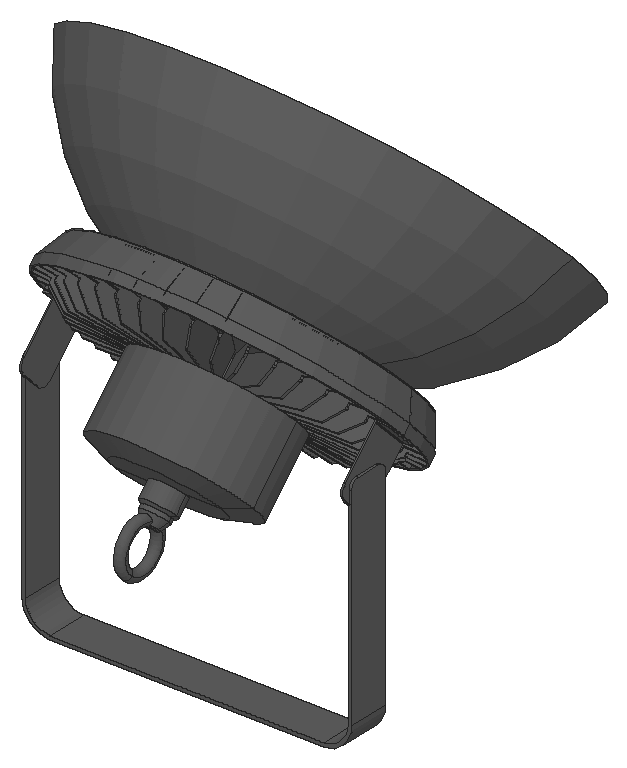
Revit family "0039348+0039354+0039357 Feilo Sylvania Lighting Fixture START HIGHBAY 4K 19KLM WIDE with BRACKET and ALU SHADE BLACK COLOR", category Lighting Fixtures, host Face, Revit 2017
Family settings
  Host = Face
  Round Connector Dimension = Use Diameter
  Part Type = Normal
  OmniClass Number = 23.80.70.00
  OmniClass Title = Lighting
  Cut with Voids When Loaded = No
  Light Source = No
  Shared = No
  Room Calculation Point = No
Parameters (values of type "0039348+0039354+0039357 START HIGHBAY 4K 19KLM WIDE with BRACKET and ALU SHADE BLACK COLOR")
  Weight = "3.4 kg"
  Wattage Comments = ""
  WarrantyStartDate [instance] = "n/a"
  WarrantyGuarantorParts = "n/a"
  WarrantyDurationUnit = "n/a"
  WarrantyDurationParts = "n/a"
  WarrantyDescription = "n/a"
  Voltage = 230 V
  URL = "http://www.sylvania-lighting.com"
  TypeName = "START HIGHBAY 4K 19KLM WIDE with BRACKET and ALU SHADE BLACK COLOR"
  TypeHead_FEILO = Start LED Highbay Head : 0039348+0039354+0039357 START HIGHBAY 4K 19KLM WIDE with BRACKET and ALU SHADE BLACK COLOR
  Type Image = <None>
  Type Comments = "n/a"
  TiltAngle_FEILO [instance] = 45.00°
  ThicknessBracketPlate_FEILO = 3 mm
  SizeBracketS_FEILO = no
  SizeBracketM_FEILO = yes
  SerialNumber [instance] = "n/a"
  RadiusBracketTop_FEILO = 7 mm
  RadiusBendOut_FEILO = if(SizeBracketS_FEILO, 18 mm, if(SizeBracketM_FEILO, 24 mm, 28 mm))  # 24 mm
  RadiusBendIn_FEILO = RadiusBendOut_FEILO - ThicknessBracketPlate_FEILO  # 21 mm
  Material_3_FEILO = none
  PowerFactor = 0.95
  PowerConsumption = "150 W"
  NominalLength = 296 mm
  NominalHeight = 177 mm
  NominalDepth = 296 mm
  Name = "START HIGHBAY 4K 19KLM WIDE with BRACKET and ALU SHADE BLACK COLOR"
  ModelReference = Name  # "START HIGHBAY 4K 19KLM WIDE with BRACKET and ALU SHADE BLACK COLOR"
  ModelNumber = "0039348+0039354+0039357"
  Model = Name  # "START HIGHBAY 4K 19KLM WIDE with BRACKET and ALU SHADE BLACK COLOR"
  Material = "aluminium alloy housing, polycarbonate diffuser"
  ManufacturerName = "Feilo Sylvania"
  Manufacturer = "Feilo Sylvania"
  LuminousEfficacy = "130 lm/W"
  LuminaireType = ""
  LightOutputRatio = "n/a"
  LampsType = Lamp  # "LED"
  LampNominalLuminous = "19500 lm"
  LampMacAdamStep = "n/a"
  LampColourTemperature = "4000 K"
  LampColourRenderingIndex = "80"
  Lamp = "LED"
  Keynote = "16500"
  InstallationDate [instance] = "n/a"
  InputVoltage = "220-240V~"
  InputNominalFrequency = "50/60 Hz"
  IngressProtection = "IP65"
  ImpactProtectionIndex = "IK08"
  IfcExportType = "IfcLightFixtureType"
  IfcExportAs = "IfcLightFixtureType"
  ExpectedLife = 50000
  EndAngle_FEILO [instance] = TiltAngle_FEILO + 180.00°  # 225.00°
  ElectricShockClassification = "Class I"
  DurationUnit = "hours"
  DocumentationLiterature = "http://www.sylvania-lighting.com/product/en-int/products/0039348"
  DimmingControlOptions = "n/a"
  Material_2_FEILO = none
  Description = "START HIGHBAY, includes 1 m cables, black aluminium housing, 19500LM, 150W, 130lm/W, 4000K, Driver current: 3210mA, CR80, 90° beam angle, 1-10V dimmable,  IP65, IK08, 50,000 hrs (L70B50), (LxWxH) 296x296x177mm"
  Default Elevation = 1219.2 mm
  CreatedOn = "2/28/2018"
  CreatedBy = ""
  Cost = 0
  built-in parameter 1114216 [instance] = (empty or 0)
  ClassificationValue = "EF_70_80"
  ClassificationName = "Uniclass2015"
  Material_1_FEILO = Body-Sylvania-StartHighbay-Black
  BracketHeight_FEILO = if(SizeBracketS_FEILO, 199.5 mm, if(SizeBracketM_FEILO, 209.6 mm, 201.3 mm))  # 209.6 mm
  BracketDistanceInner_FEILO = if(SizeBracketS_FEILO, 249.4 mm, if(SizeBracketM_FEILO, 273.6 mm, 313.2 mm))  # 273.6 mm
  BarCode [instance] = "n/a"
  AssetType = "Fixed"
  AssetIdentifier [instance] = "n/a"
  Assembly Code = "D5020200"
  Apparent Load = 150 VA
  Material_4_FEILO = none
Reference planes
  plane 1 "Center (Front/Back)": y = 0
  plane 2: z = 0
  plane 3 "Center (Left/Right)": x = 0
  plane 4: x = -139.8
  plane 5: x = 139.8
  plane 6: z = 209.6
  plane 7: x = -136.8
  plane 8: z = 3
  plane 9: x = 136.8
  plane 10: y = 17.5
  plane 11: y = -17.5
  plane 12: y = -19.5
  plane 13: z = 211.6
  plane 14: y = 19.5
  plane 15: z = 200.6
Forms (mm)
  Extrusion 1, solid, material "Body-Sylvania-StartHighbay-Black" <- "Material_1_FEILO"
    sketch origin (0, 0, 0) x (1, 0, 0) y (0, 0, 1)
      loop
        line (-139.8, 209.6) -> (-139.8, 24)
        arc (-139.8, 24) -> (-132.771, 7.029) -> (-115.8, 0) r 24
        line (-115.8, 0) -> (115.8, 0)
        arc (115.8, 0) -> (132.771, 7.029) -> (139.8, 24) r 24
        line (139.8, 24) -> (139.8, 209.6) -> (136.8, 209.6) -> (136.8, 24)
        arc (136.8, 24) -> (130.649, 9.151) -> (115.8, 3) r 21
        line (115.8, 3) -> (-115.8, 3)
        arc (-115.8, 3) -> (-130.649, 9.151) -> (-136.8, 24) r 21
        line (-136.8, 24) -> (-136.8, 209.6) -> (-139.8, 209.6)
    from -17.5 to 17.5
  Extrusion 2, void
    sketch origin (0, 0, 0) x (0, 1, 0) y (0, 0, 1)
      loop
        arc (10.5, 209.6) -> (15.45, 207.55) -> (17.5, 202.6) r 7
        line (17.5, 202.6) -> (19.5, 202.6) -> (19.5, 211.6) -> (-19.5, 211.6) -> (-19.5, 202.6) -> (-17.5, 202.6)
        arc (-17.5, 202.6) -> (-15.45, 207.55) -> (-10.5, 209.6) r 7
        line (-10.5, 209.6) -> (10.5, 209.6)
    from -139.8 to 139.8
  Revolve 3, solid, not visible
    sketch origin (1223.4, -4572, 200.6) x (0, -1, 0) y (1, 0, 0)
      loop
        line (-4572, -1223.4) -> (-4591.5, -1223.4) -> (-4591.5, -1277.783) -> (-4572, -1277.783) -> (-4572, -1223.4)
      axis (-4572, -1223.4) -> (-4572, -1277.783)
    angle from 45 <- "TiltAngle_FEILO" to 225 <- "EndAngle_FEILO"
Cuts and joins
  Extrusion 2 cuts Extrusion 1
Dimensions and locks
  "BracketHeight_FEILO": plane 6 to plane 2
  equal spacing: plane 11, plane 1 "Center (Front/Back)", plane 10
  locked: plane 11 to plane 10 at 35
  equal spacing: plane 9, plane 3 "Center (Left/Right)", plane 7
  "BracketDistanceInner_FEILO": plane 9 to plane 7
  "ThicknessBracketPlate_FEILO": plane 7 to plane 4
  "ThicknessBracketPlate_FEILO": plane 8 to plane 2
  equal spacing: plane 5, plane 3 "Center (Left/Right)", plane 4
  equal spacing: plane 12, plane 1 "Center (Front/Back)", plane 14
  locked: plane 6 to plane 13 at 2
  locked: plane 12 to plane 11 at 2
  locked: plane 6 to plane 15 at 9
  "RadiusBendOut_FEILO": radius of Extrusion 1 sketch curve  (x2)
  "RadiusBendIn_FEILO": radius of Extrusion 1 sketch curve  (x2)
  "RadiusBracketTop_FEILO": radius of Extrusion 2 sketch curve  (x2)
  aligned and locked: plane 2 to host face
  aligned and locked: level to host face
  aligned and locked: Extrusion 1 sketch curve to plane 4
  aligned and locked: Extrusion 1 sketch curve to level
  aligned and locked: plane 6 to Extrusion 1 sketch curve
  aligned and locked: Extrusion 1 sketch curve to plane 6
  aligned and locked: Extrusion 1 sketch curve to plane 7
  aligned and locked: plane 9 to Extrusion 1 sketch curve
  aligned and locked: plane 8 to Extrusion 1 sketch curve
  aligned and locked: Extrusion 1 to plane 10
  aligned and locked: plane 11 to Extrusion 1
  aligned and locked: Extrusion 1 to Extrusion 2 sketch curve
  aligned and locked: plane 14 to Extrusion 2 sketch curve  (x2)
  aligned and locked: Extrusion 2 sketch curve to plane 12
  aligned and locked: plane 13 to Extrusion 2 sketch curve
  aligned and locked: plane 5 to Extrusion 2
  aligned and locked: Extrusion 2 to plane 4
  aligned and locked: Revolve 3 sketch curve to plane 1 "Center (Front/Back)"
  aligned and locked: Revolve 3 sketch curve to Revolve 3 sketch curve
  aligned and locked: plane 3 "Center (Left/Right)" to Revolve 3 sketch curve
  aligned and locked: Revolve 3 sketch curve to plane 14
  aligned and locked: nested 1 to plane 3 "Center (Left/Right)"
Automatic sketch dimensions
  host sketch curve to host sketch curve = 2438.4 mm  (x2)
  Revolve 3 sketch curve to Revolve 3 sketch curve = 54.383 mm
  Revolve 3 sketch curve to plane 4 = 1396.3 mm
  plane 5 to Revolve 3 sketch curve = 1396.3 mm
  Extrusion 1 sketch curve to Extrusion 1 sketch curve = 0 mm
  Extrusion 2 sketch curve to plane 11 = 0 mm
  Extrusion 2 sketch curve to plane 10 = 0 mm
Nested families
  nested 1: "Start LED Highbay Head" at (0, 0, 200.6) x (-1, 0, 0) z (0, 0.7071, 0.7071), type <- "TypeHead_FEILO", type "0039348+0039354+0039357 START HIGHBAY 4K 19KLM WIDE with BRACKET and ALU SHADE BLACK COLOR"
    with built-in parameter 1114216 (empty or 0)
Connectors
  electrical at (0, 0, 0), driven by "Apparent Load", driven by "PowerFactor", driven by "Voltage"
    settings: index 1, voltage 230 V, apparent load 150 VA, apparent load phase1 0 VA, apparent load phase2 0 VA, apparent load phase3 0 VA, power factor 0.95, load classification "Lighting", number of poles 1, system type 30, power factor state 1, is connector primary yes, connector utility no, sub classification motor no, connector description ""
Definition of nested family "Start LED Highbay Head"
  Parameters (values of type "0039351+0039354+0039358 START HIGHBAY 6K 19KLM WIDE with BRACKET and PC LAMPSHADE TRANSPARENT ")
    X_FEILO = if(SizeS_FEILO, 60.3 mm, if(SizeM_FEILO, 70.4 mm, 83.5 mm))  # 70.4 mm
    WidthStraight_FEILO = if(SizeS_FEILO, 3 mm, if(SizeM_FEILO, 4 mm, 4.7 mm))  # 4 mm
    WidthRingChamfer_FEILO = if(SizeS_FEILO, 10.3 mm, if(SizeM_FEILO, 11.2 mm, 12.9 mm))  # 11.2 mm
    WidthCurved_FEILO = if(SizeS_FEILO, 17.4 mm, if(SizeM_FEILO, 16.4 mm, 26.2 mm))  # 16.4 mm
    WidthCurvedRing_FEILO = if(SizeS_FEILO, 3 mm, if(SizeM_FEILO, 4 mm, 4.7 mm))  # 4 mm
    WidthBracket_FEILO = 40 mm
    Wattage Comments = ""
    Wattage = 150 W
    built-in parameter 1150110 = 1 (stored number, unit not read)
    URL = "http://www.feilosylvania.com"
    Type Image = (empty or 0)
    Type Comments = "n/a"
    built-in parameter 1114217 = 1 (stored number, unit not read)
    Tilt Angle = -90.00°
    ThicknessWall_FEILO = 1.5 mm
    ThicknessBracket_FEILO = 1.5 mm
    ThicknessBracketHalf_FEILO = ThicknessBracket_FEILO / 2  # 0.75 mm
    built-in parameter 1150109 = 1 (stored number, unit not read)
    built-in parameter 1150134 = 1
    built-in parameter 1150113 = 1 (stored number, unit not read)
    SizeS_FEILO = no
    SizeM_FEILO = yes
    ShadeThickness_FEILO = 3 mm
    ShadeSizeSM_FEILO = or(SizeS_FEILO, SizeM_FEILO)  # yes
    ShadeRadiusOut_FEILO = 205 mm
    ShadeRadiusIn_FEILO = if(ShadeSizeSM_FEILO, 95 mm, 121 mm)  # 95 mm
    ShadeRadiusBend_FEILO = if(ShadeSizeSM_FEILO, 210 mm, 210 mm)  # 210 mm
    ShadeOn_FEILO = yes
    ShadeHeight_FEILO = if(ShadeSizeSM_FEILO, 120 mm, 151 mm)  # 120 mm
    Rib4_FEILO = if(SizeS_FEILO, 18.1 mm, if(SizeM_FEILO, 13.6 mm, 14.6 mm))  # 13.6 mm
    Rib3_FEILO = if(SizeS_FEILO, 15.3 mm, if(SizeM_FEILO, 17.6 mm, 20.2 mm))  # 17.6 mm
    Rib2_FEILO = if(SizeS_FEILO, 3.6 mm, if(SizeM_FEILO, 3.9 mm, 4.5 mm))  # 3.9 mm
    Rib1_FEILO = if(SizeS_FEILO, 15.1 mm, if(SizeM_FEILO, 16.5 mm, 19 mm))  # 16.5 mm
    RadiusDiffuser_FEILO = if(SizeS_FEILO, 95.2 mm, if(SizeM_FEILO, 105.3 mm, 120 mm))  # 105.3 mm
    RadiusArrayPost_FEILO = DriverRadius_FEILO - 6 mm  # 61.2 mm
    RHRadius3_FEILO = if(SizeS_FEILO, 6.6 mm, if(SizeM_FEILO, 7.4 mm, 8.6 mm))  # 7.4 mm
    RHRadius2_FEILO = if(SizeS_FEILO, 11 mm, if(SizeM_FEILO, 12 mm, 14 mm))  # 12 mm
    RHRadius1_FEILO = if(SizeS_FEILO, 13.6 mm, if(SizeM_FEILO, 14.9 mm, 17.7 mm))  # 14.9 mm
    RHHeight4_FEILO = if(SizeS_FEILO, 7.3 mm, if(SizeM_FEILO, 8 mm, 9.2 mm))  # 8 mm
    RHHeight3_FEILO = if(SizeS_FEILO, 3.6 mm, if(SizeM_FEILO, 3.7 mm, 4.6 mm))  # 3.7 mm
    RHHeight2_FEILO = if(SizeS_FEILO, 2 mm, if(SizeM_FEILO, 2.2 mm, 2.6 mm))  # 2.2 mm
    RHHeight1_FEILO = if(SizeS_FEILO, 11.8 mm, if(SizeM_FEILO, 15.3 mm, 17.4 mm))  # 15.3 mm
    Photometric Web File = "0039351+0039358.ies"
    Material_5_FEILO = none
    Material_3_FEILO = none
    Model = "START HIGHBAY 6K 19KLM WIDE with BRACKET and PC LAMPSHADE TRANSPARENT"
    Manufacturer = "Feilo Sylvania"
    built-in parameter 1150105 = 10854.2 (stored number, unit not read)
    Lumens = 19500 lm
    built-in parameter 1150115 = 1 (stored number, unit not read)
    built-in parameter 1150137 = (empty or 0)
    built-in parameter 1150139 = (empty or 0)
    built-in parameter 1150112 = 1 (stored number, unit not read)
    built-in parameter 1150114 = 1 (stored number, unit not read)
    Lamp = "LED"
    Keynote = "16500"
    built-in parameter 1150132 = (empty or 0)
    built-in parameter 1150102 = (empty or 0)
    built-in parameter 1150107 = 6500 (stored number, unit not read)
    built-in parameter 1150138 = (empty or 0)
    built-in parameter 1150106 = 108.54 (stored number, unit not read)
    HeightRing_FEILO = if(SizeS_FEILO, 19.8 mm, if(SizeM_FEILO, 32 mm, 36.8 mm))  # 32 mm
    HeightRingChamfer_FEILO = if(SizeS_FEILO, 11.7 mm, if(SizeM_FEILO, 23.2 mm, 26.6 mm))  # 23.2 mm
    EyeThickness_FEILO = if(SizeS_FEILO, 8.4 mm, if(SizeM_FEILO, 9.2 mm, 10.5 mm))  # 9.2 mm
    EyeThicknessHalf_FEILO = EyeThickness_FEILO / 2  # 4.6 mm
    EyeInner_FEILO = if(SizeS_FEILO, 13.8 mm, if(SizeM_FEILO, 15.1 mm, 17.3 mm))  # 15.1 mm
    Emit from Circle Diameter = RadiusDiffuser_FEILO * 2  # 210.6 mm
    Emit Shape Visible in Rendering = no
    built-in parameter 1150104 = 12.077 (stored number, unit not read)
    DriverVerticalStraight_FEILO = if(SizeS_FEILO, 46.5 mm, if(SizeM_FEILO, 49.7 mm, 57 mm))  # 49.7 mm
    DriverVerticalChamfer_FEILO = if(SizeS_FEILO, 7.5 mm, if(SizeM_FEILO, 8.2 mm, 9.5 mm))  # 8.2 mm
    DriverRadius_FEILO = if(SizeS_FEILO, 61.4 mm, if(SizeM_FEILO, 67.2 mm, 76.4 mm))  # 67.2 mm
    DriverRadiusTop_FEILO = if(SizeS_FEILO, 42 mm, if(SizeM_FEILO, 45.3 mm, 52.4 mm))  # 45.3 mm
    DriverBottom_FEILO = if(SizeS_FEILO, 56 mm, if(SizeM_FEILO, 64.5 mm, 74 mm))  # 64.5 mm
    Material_2_FEILO = none
    Radius_FEILO = if(SizeS_FEILO, 135 mm, if(SizeM_FEILO, 148 mm, 169.5 mm))  # 148 mm
    Dimming Lamp Color Temperature Shift = (empty or 0)
    DiameterWire_FEILO = 3 mm
    DiameterWireSupport_FEILO = 10 mm
    Description = "START HIGHBAY, includes 1 m cables, black aluminium housing, 19500LM, 150W, 130lm/W, 6500K, Driver current: 2140mA, CR80, 60° beam angle, 1-10V dimmable,  IP65, IK08, 50,000 hrs (L70B50), (LxWxH) 296x296x177mm"
    Default Elevation = 1219.2 mm
    Cost = 0
    Color Filter = 16777215
    built-in parameter 1114216 [instance] = (empty or 0)
    Material_1_FEILO = none
    built-in parameter 1114218 = 1 (stored number, unit not read)
    built-in parameter 1150133 = 10 (stored number, unit not read)
    Assembly Code = "D5020200"
    Apparent Load = 150 VA
    Material_4_FEILO = none
  Types (36, lengths in mm): name | X_FEILO | WidthStraight_FEILO | WidthRingChamfer_FEILO | WidthCurved_FEILO | WidthCurvedRing_FEILO | Wattage | built-in parameter 1150134 | SizeS_FEILO | SizeM_FEILO | ShadeSizeSM_FEILO | ShadeRadiusIn_FEILO | ShadeOn_FEILO | ShadeHeight_FEILO | Rib4_FEILO | Rib3_FEILO | Rib2_FEILO | Rib1_FEILO | RadiusDiffuser_FEILO | RadiusArrayPost_FEILO | RHRadius3_FEILO | RHRadius2_FEILO | RHRadius1_FEILO | RHHeight4_FEILO | RHHeight3_FEILO | RHHeight2_FEILO | RHHeight1_FEILO | Photometric Web File | Model | built-in parameter 1150105 | Lumens | built-in parameter 1150107 | built-in parameter 1150106 | HeightRing_FEILO | HeightRingChamfer_FEILO | EyeThickness_FEILO | EyeThicknessHalf_FEILO | EyeInner_FEILO | Emit from Circle Diameter | DriverVerticalStraight_FEILO | DriverVerticalChamfer_FEILO | DriverRadius_FEILO | DriverRadiusTop_FEILO | DriverBottom_FEILO | Radius_FEILO | Description | Apparent Load
    0039352+0039355+0039361 START HIGHBAY 6K 26KLM WIDE with BRACKET and PC LAMPSHADE TRANSPARENT | 83.5 | 4.7 | 12.9 | 26.2 | 4.7 | 200 W | 1 | no | no | no | 121 | yes | 151 | 14.6 | 20.2 | 4.5 | 19 | 120 | 70.4 | 8.6 | 14 | 17.7 | 9.2 | 4.6 | 2.6 | 17.4 | "0039352+0039361.ies" | "START HIGHBAY 6K 26KLM WIDE with BRACKET and PC LAMPSHADE TRANSPARENT" | 17911 (stored number, unit not read) | 26000 lm | 6500 (stored number, unit not read) | 179.11 (stored number, unit not read) | 36.8 | 26.6 | 10.5 | 5.25 | 17.3 | 240 | 57 | 9.5 | 76.4 | 52.4 | 74 | 169.5 | "START HIGHBAY, includes 1 m cables, black aluminium housing, 26000LM, 200W, 130lm/W, 6500K, Driver current: 5000mA, CR80, 60° beam angle, 1-10V dimmable,  IP65, IK08, 50,000 hrs (L70B50), (LxWxH) 339x339x194mm" | 200 VA
    0039352+0039355+0039360 START HIGHBAY 6K 26KLM WIDE with BRACKET and ALU SHADE BLACK COLOR | 83.5 | 4.7 | 12.9 | 26.2 | 4.7 | 200 W | 1 | no | no | no | 121 | yes | 151 | 14.6 | 20.2 | 4.5 | 19 | 120 | 70.4 | 8.6 | 14 | 17.7 | 9.2 | 4.6 | 2.6 | 17.4 | "0039352+0039360.ies" | "START HIGHBAY 6K 26KLM WIDE with BRACKET and ALU SHADE BLACK COLOR" | 14870 (stored number, unit not read) | 26000 lm | 6500 (stored number, unit not read) | 148.7 (stored number, unit not read) | 36.8 | 26.6 | 10.5 | 5.25 | 17.3 | 240 | 57 | 9.5 | 76.4 | 52.4 | 74 | 169.5 | "START HIGHBAY, includes 1 m cables, black aluminium housing, 26000LM, 200W, 130lm/W, 6500K, Driver current: 5000mA, CR80, 60° beam angle, 1-10V dimmable,  IP65, IK08, 50,000 hrs (L70B50), (LxWxH) 339x339x194mm" | 200 VA
    0039352+0039355+0039359 START HIGHBAY 6K 26KLM WIDE with BRACKET and ALU SHADE ALU COLOR | 83.5 | 4.7 | 12.9 | 26.2 | 4.7 | 200 W | 1 | no | no | no | 121 | yes | 151 | 14.6 | 20.2 | 4.5 | 19 | 120 | 70.4 | 8.6 | 14 | 17.7 | 9.2 | 4.6 | 2.6 | 17.4 | "0039352+0039359.ies" | "START HIGHBAY 6K 26KLM WIDE with BRACKET and ALU SHADE ALU COLOR" | 14870 (stored number, unit not read) | 26000 lm | 6500 (stored number, unit not read) | 148.7 (stored number, unit not read) | 36.8 | 26.6 | 10.5 | 5.25 | 17.3 | 240 | 57 | 9.5 | 76.4 | 52.4 | 74 | 169.5 | "START HIGHBAY, includes 1 m cables, black aluminium housing, 26000LM, 200W, 130lm/W, 6500K, Driver current: 5000mA, CR80, 60° beam angle, 1-10V dimmable,  IP65, IK08, 50,000 hrs (L70B50), (LxWxH) 339x339x194mm" | 200 VA
    0039352+0039355 START HIGHBAY 6K 26KLM WIDE with BRACKET | 83.5 | 4.7 | 12.9 | 26.2 | 4.7 | 200 W | 1 | no | no | no | 121 | no | 151 | 14.6 | 20.2 | 4.5 | 19 | 120 | 70.4 | 8.6 | 14 | 17.7 | 9.2 | 4.6 | 2.6 | 17.4 | "0039352.ies" | "START HIGHBAY 6K 26KLM WIDE with BRACKET" | 13836.2 (stored number, unit not read) | 26000 lm | 6500 (stored number, unit not read) | 138.36 (stored number, unit not read) | 36.8 | 26.6 | 10.5 | 5.25 | 17.3 | 240 | 57 | 9.5 | 76.4 | 52.4 | 74 | 169.5 | "START HIGHBAY, includes 1 m cables, black aluminium housing, 26000LM, 200W, 130lm/W, 6500K, Driver current: 5000mA, CR80, 60° beam angle, 1-10V dimmable,  IP65, IK08, 50,000 hrs (L70B50), (LxWxH) 339x339x194mm" | 200 VA
    0039351+0039354+0039358 START HIGHBAY 6K 19KLM WIDE with BRACKET and PC LAMPSHADE TRANSPARENT | 70.4 | 4 | 11.2 | 16.4 | 4 | 150 W | 1 | no | yes | yes | 95 | yes | 120 | 13.6 | 17.6 | 3.9 | 16.5 | 105.3 | 61.2 | 7.4 | 12 | 14.9 | 8 | 3.7 | 2.2 | 15.3 | "0039351+0039358.ies" | "START HIGHBAY 6K 19KLM WIDE with BRACKET and PC LAMPSHADE TRANSPARENT" | 10854.2 (stored number, unit not read) | 19500 lm | 6500 (stored number, unit not read) | 108.54 (stored number, unit not read) | 32 | 23.2 | 9.2 | 4.6 | 15.1 | 210.6 | 49.7 | 8.2 | 67.2 | 45.3 | 64.5 | 148 | "START HIGHBAY, includes 1 m cables, black aluminium housing, 19500LM, 150W, 130lm/W, 6500K, Driver current: 2140mA, CR80, 60° beam angle, 1-10V dimmable,  IP65, IK08, 50,000 hrs (L70B50), (LxWxH) 296x296x177mm" | 150 VA
    0039351+0039354+0039357 START HIGHBAY 6K 19KLM WIDE with BRACKET and ALU SHADE BLACK COLOR | 70.4 | 4 | 11.2 | 16.4 | 4 | 150 W | 1 | no | yes | yes | 95 | yes | 120 | 13.6 | 17.6 | 3.9 | 16.5 | 105.3 | 61.2 | 7.4 | 12 | 14.9 | 8 | 3.7 | 2.2 | 15.3 | "0039351+0039357.ies" | "START HIGHBAY 6K 19KLM WIDE with BRACKET and ALU SHADE BLACK COLOR" | 11152.5 (stored number, unit not read) | 19500 lm | 6500 (stored number, unit not read) | 111.52 (stored number, unit not read) | 32 | 23.2 | 9.2 | 4.6 | 15.1 | 210.6 | 49.7 | 8.2 | 67.2 | 45.3 | 64.5 | 148 | "START HIGHBAY, includes 1 m cables, black aluminium housing, 19500LM, 150W, 130lm/W, 6500K, Driver current: 2140mA, CR80, 60° beam angle, 1-10V dimmable,  IP65, IK08, 50,000 hrs (L70B50), (LxWxH) 296x296x177mm" | 150 VA
    0039351+0039354+0039356 START HIGHBAY 6K 19KLM WIDE with BRACKET and ALU SHADE ALU COLOR | 70.4 | 4 | 11.2 | 16.4 | 4 | 150 W | 1 | no | yes | yes | 95 | yes | 120 | 13.6 | 17.6 | 3.9 | 16.5 | 105.3 | 61.2 | 7.4 | 12 | 14.9 | 8 | 3.7 | 2.2 | 15.3 | "0039351+0039356.ies" | "START HIGHBAY 6K 19KLM WIDE with BRACKET and ALU SHADE ALU COLOR" | 11152.5 (stored number, unit not read) | 19500 lm | 6500 (stored number, unit not read) | 111.52 (stored number, unit not read) | 32 | 23.2 | 9.2 | 4.6 | 15.1 | 210.6 | 49.7 | 8.2 | 67.2 | 45.3 | 64.5 | 148 | "START HIGHBAY, includes 1 m cables, black aluminium housing, 19500LM, 150W, 130lm/W, 6500K, Driver current: 2140mA, CR80, 60° beam angle, 1-10V dimmable,  IP65, IK08, 50,000 hrs (L70B50), (LxWxH) 296x296x177mm" | 150 VA
    0039351+0039354 START HIGHBAY 6K 19KLM WIDE with BRACKET | 70.4 | 4 | 11.2 | 16.4 | 4 | 150 W | 1 | no | yes | yes | 95 | no | 120 | 13.6 | 17.6 | 3.9 | 16.5 | 105.3 | 61.2 | 7.4 | 12 | 14.9 | 8 | 3.7 | 2.2 | 15.3 | "0039351.ies" | "START HIGHBAY 6K 19KLM WIDE with BRACKET" | 10377.1 (stored number, unit not read) | 19500 lm | 6500 (stored number, unit not read) | 103.77 (stored number, unit not read) | 32 | 23.2 | 9.2 | 4.6 | 15.1 | 210.6 | 49.7 | 8.2 | 67.2 | 45.3 | 64.5 | 148 | "START HIGHBAY, includes 1 m cables, black aluminium housing, 19500LM, 150W, 130lm/W, 6500K, Driver current: 2140mA, CR80, 60° beam angle, 1-10V dimmable,  IP65, IK08, 50,000 hrs (L70B50), (LxWxH) 296x296x177mm" | 150 VA
    0039350+0039353+0039358 START HIGHBAY 6K 13KLM WIDE with BRACKET and PC LAMPSHADE TRANSPARENT | 60.3 | 3 | 10.3 | 17.4 | 3 | 100 W | 1 | yes | no | yes | 95 | yes | 120 | 18.1 | 15.3 | 3.6 | 15.1 | 95.2 | 55.4 | 6.6 | 11 | 13.6 | 7.3 | 3.6 | 2 | 11.8 | "0039350+0039358.ies" | "START HIGHBAY 6K 13KLM WIDE with BRACKET and PC LAMPSHADE TRANSPARENT" | 7236.1 (stored number, unit not read) | 13000 lm | 6500 (stored number, unit not read) | 72.361 (stored number, unit not read) | 19.8 | 11.7 | 8.4 | 4.2 | 13.8 | 190.4 | 46.5 | 7.5 | 61.4 | 42 | 56 | 135 | "START HIGHBAY, includes 1 m cables, black aluminium housing, 13000LM, 100W, 130lm/W, 6500K, Driver current: 2140mA, CR80, 60° beam angle, 1-10V dimmable,  IP65, IK08, 50,000 hrs (L70B50), (LxWxH) 270x270x170mm" | 100 VA
    0039350+0039353+0039357 START HIGHBAY 6K 13KLM WIDE with BRACKET and ALU SHADE BLACK COLOR | 60.3 | 3 | 10.3 | 17.4 | 3 | 100 W | 1 | yes | no | yes | 95 | yes | 120 | 18.1 | 15.3 | 3.6 | 15.1 | 95.2 | 55.4 | 6.6 | 11 | 13.6 | 7.3 | 3.6 | 2 | 11.8 | "0039350+0039357.ies" | "START HIGHBAY 6K 13KLM WIDE with BRACKET and ALU SHADE BLACK COLOR" | 7435 (stored number, unit not read) | 13000 lm | 6500 (stored number, unit not read) | 74.35 (stored number, unit not read) | 19.8 | 11.7 | 8.4 | 4.2 | 13.8 | 190.4 | 46.5 | 7.5 | 61.4 | 42 | 56 | 135 | "START HIGHBAY, includes 1 m cables, black aluminium housing, 13000LM, 100W, 130lm/W, 6500K, Driver current: 2140mA, CR80, 60° beam angle, 1-10V dimmable,  IP65, IK08, 50,000 hrs (L70B50), (LxWxH) 270x270x170mm" | 100 VA
    0039350+0039353+0039356 START HIGHBAY 6K 13KLM WIDE with BRACKET and ALU SHADE ALU COLOR | 60.3 | 3 | 10.3 | 17.4 | 3 | 100 W | 1 | yes | no | yes | 95 | yes | 120 | 18.1 | 15.3 | 3.6 | 15.1 | 95.2 | 55.4 | 6.6 | 11 | 13.6 | 7.3 | 3.6 | 2 | 11.8 | "0039350+0039356.ies" | "START HIGHBAY 6K 13KLM WIDE with BRACKET and ALU SHADE ALU COLOR" | 7435 (stored number, unit not read) | 13000 lm | 6500 (stored number, unit not read) | 74.35 (stored number, unit not read) | 19.8 | 11.7 | 8.4 | 4.2 | 13.8 | 190.4 | 46.5 | 7.5 | 61.4 | 42 | 56 | 135 | "START HIGHBAY, includes 1 m cables, black aluminium housing, 13000LM, 100W, 130lm/W, 6500K, Driver current: 2140mA, CR80, 60° beam angle, 1-10V dimmable,  IP65, IK08, 50,000 hrs (L70B50), (LxWxH) 270x270x170mm" | 100 VA
    0039350+0039353 START HIGHBAY 6K 13KLM WIDE with BRACKET | 60.3 | 3 | 10.3 | 17.4 | 3 | 100 W | 1 | yes | no | yes | 95 | no | 120 | 18.1 | 15.3 | 3.6 | 15.1 | 95.2 | 55.4 | 6.6 | 11 | 13.6 | 7.3 | 3.6 | 2 | 11.8 | "0039350.ies" | "START HIGHBAY 6K 13KLM WIDE with BRACKET" | 6918.1 (stored number, unit not read) | 13000 lm | 6500 (stored number, unit not read) | 69.181 (stored number, unit not read) | 19.8 | 11.7 | 8.4 | 4.2 | 13.8 | 190.4 | 46.5 | 7.5 | 61.4 | 42 | 56 | 135 | "START HIGHBAY, includes 1 m cables, black aluminium housing, 13000LM, 100W, 130lm/W, 6500K, Driver current: 2140mA, CR80, 60° beam angle, 1-10V dimmable,  IP65, IK08, 50,000 hrs (L70B50), (LxWxH) 270x270x170mm" | 100 VA
    0039349+0039355+0039361 START HIGHBAY 4K 26KLM WIDE with BRACKET and PC LAMPSHADE TRANSPARENT FOR | 83.5 | 4.7 | 12.9 | 26.2 | 4.7 | 200 W | 12 | no | no | no | 121 | yes | 151 | 14.6 | 20.2 | 4.5 | 19 | 120 | 70.4 | 8.6 | 14 | 17.7 | 9.2 | 4.6 | 2.6 | 17.4 | "0039349+0039361.ies" | "START HIGHBAY 4K 26KLM WIDE with BRACKET and PC LAMPSHADE TRANSPARENT FOR" | 17911 (stored number, unit not read) | 26000 lm | 4000 (stored number, unit not read) | 179.11 (stored number, unit not read) | 36.8 | 26.6 | 10.5 | 5.25 | 17.3 | 240 | 57 | 9.5 | 76.4 | 52.4 | 74 | 169.5 | "START HIGHBAY, includes 1 m cables, black aluminium housing, 26000LM, 200W, 130lm/W, 4000K, Driver current: 5000mA, CR80, 90° beam angle, 1-10V dimmable,  IP65, IK08, 50,000 hrs (L70B50), (LxWxH) 339x339x194mm" | 200 VA
    0039349+0039355+0039360 START HIGHBAY 4K 26KLM WIDE with BRACKET and ALU SHADE BLACK COLOR | 83.5 | 4.7 | 12.9 | 26.2 | 4.7 | 200 W | 12 | no | no | no | 121 | yes | 151 | 14.6 | 20.2 | 4.5 | 19 | 120 | 70.4 | 8.6 | 14 | 17.7 | 9.2 | 4.6 | 2.6 | 17.4 | "0039349+0039360.ies" | "START HIGHBAY 4K 26KLM WIDE with BRACKET and ALU SHADE BLACK COLOR" | 14870 (stored number, unit not read) | 26000 lm | 4000 (stored number, unit not read) | 148.7 (stored number, unit not read) | 36.8 | 26.6 | 10.5 | 5.25 | 17.3 | 240 | 57 | 9.5 | 76.4 | 52.4 | 74 | 169.5 | "START HIGHBAY, includes 1 m cables, black aluminium housing, 26000LM, 200W, 130lm/W, 4000K, Driver current: 5000mA, CR80, 90° beam angle, 1-10V dimmable,  IP65, IK08, 50,000 hrs (L70B50), (LxWxH) 339x339x194mm" | 200 VA
    0039349+0039355+0039359 START HIGHBAY 4K 26KLM WIDE with BRACKET and ALU SHADE ALU COLOR | 83.5 | 4.7 | 12.9 | 26.2 | 4.7 | 200 W | 12 | no | no | no | 121 | yes | 151 | 14.6 | 20.2 | 4.5 | 19 | 120 | 70.4 | 8.6 | 14 | 17.7 | 9.2 | 4.6 | 2.6 | 17.4 | "0039349+0039359.ies" | "START HIGHBAY 4K 26KLM WIDE with BRACKET and ALU SHADE ALU COLOR" | 14870 (stored number, unit not read) | 26000 lm | 4000 (stored number, unit not read) | 148.7 (stored number, unit not read) | 36.8 | 26.6 | 10.5 | 5.25 | 17.3 | 240 | 57 | 9.5 | 76.4 | 52.4 | 74 | 169.5 | "START HIGHBAY, includes 1 m cables, black aluminium housing, 26000LM, 200W, 130lm/W, 4000K, Driver current: 5000mA, CR80, 90° beam angle, 1-10V dimmable,  IP65, IK08, 50,000 hrs (L70B50), (LxWxH) 339x339x194mm" | 200 VA
    0039349+0039355 START HIGHBAY 4K 26KLM WIDE with BRACKET | 83.5 | 4.7 | 12.9 | 26.2 | 4.7 | 200 W | 12 | no | no | no | 121 | no | 151 | 14.6 | 20.2 | 4.5 | 19 | 120 | 70.4 | 8.6 | 14 | 17.7 | 9.2 | 4.6 | 2.6 | 17.4 | "0039349.ies" | "START HIGHBAY 4K 26KLM WIDE with BRACKET" | 13836.2 (stored number, unit not read) | 26000 lm | 4000 (stored number, unit not read) | 138.36 (stored number, unit not read) | 36.8 | 26.6 | 10.5 | 5.25 | 17.3 | 240 | 57 | 9.5 | 76.4 | 52.4 | 74 | 169.5 | "START HIGHBAY, includes 1 m cables, black aluminium housing, 26000LM, 200W, 130lm/W, 4000K, Driver current: 5000mA, CR80, 90° beam angle, 1-10V dimmable,  IP65, IK08, 50,000 hrs (L70B50), (LxWxH) 339x339x194mm" | 200 VA
    0039348+0039354+0039358 START HIGHBAY 4K 19KLM WIDE with BRACKET and PC LAMPSHADE TRANSPARENT | 70.4 | 4 | 11.2 | 16.4 | 4 | 150 W | 12 | no | yes | yes | 95 | yes | 120 | 13.6 | 17.6 | 3.9 | 16.5 | 105.3 | 61.2 | 7.4 | 12 | 14.9 | 8 | 3.7 | 2.2 | 15.3 | "0039348+0039358.ies" | "START HIGHBAY 4K 19KLM WIDE with BRACKET and PC LAMPSHADE TRANSPARENT" | 10854.2 (stored number, unit not read) | 19500 lm | 4000 (stored number, unit not read) | 108.54 (stored number, unit not read) | 32 | 23.2 | 9.2 | 4.6 | 15.1 | 210.6 | 49.7 | 8.2 | 67.2 | 45.3 | 64.5 | 148 | "START HIGHBAY, includes 1 m cables, black aluminium housing, 19500LM, 150W, 130lm/W, 4000K, Driver current: 3210mA, CR80, 90° beam angle, 1-10V dimmable,  IP65, IK08, 50,000 hrs (L70B50), (LxWxH) 296x296x177mm" | 150 VA
    0039348+0039354+0039357 START HIGHBAY 4K 19KLM WIDE with BRACKET and ALU SHADE BLACK COLOR | 70.4 | 4 | 11.2 | 16.4 | 4 | 150 W | 12 | no | yes | yes | 95 | yes | 120 | 13.6 | 17.6 | 3.9 | 16.5 | 105.3 | 61.2 | 7.4 | 12 | 14.9 | 8 | 3.7 | 2.2 | 15.3 | "0039348+0039357.ies" | "START HIGHBAY 4K 19KLM WIDE with BRACKET and ALU SHADE BLACK COLOR" | 11152.5 (stored number, unit not read) | 19500 lm | 4000 (stored number, unit not read) | 111.52 (stored number, unit not read) | 32 | 23.2 | 9.2 | 4.6 | 15.1 | 210.6 | 49.7 | 8.2 | 67.2 | 45.3 | 64.5 | 148 | "START HIGHBAY, includes 1 m cables, black aluminium housing, 19500LM, 150W, 130lm/W, 4000K, Driver current: 3210mA, CR80, 90° beam angle, 1-10V dimmable,  IP65, IK08, 50,000 hrs (L70B50), (LxWxH) 296x296x177mm" | 150 VA
    0039348+0039354+0039356 START HIGHBAY 4K 19KLM WIDE with BRACKET and ALU SHADE ALU COLOR | 70.4 | 4 | 11.2 | 16.4 | 4 | 150 W | 12 | no | yes | yes | 95 | yes | 120 | 13.6 | 17.6 | 3.9 | 16.5 | 105.3 | 61.2 | 7.4 | 12 | 14.9 | 8 | 3.7 | 2.2 | 15.3 | "0039348+0039356.ies" | "START HIGHBAY 4K 19KLM WIDE with BRACKET and ALU SHADE ALU COLOR" | 11152.5 (stored number, unit not read) | 19500 lm | 4000 (stored number, unit not read) | 111.52 (stored number, unit not read) | 32 | 23.2 | 9.2 | 4.6 | 15.1 | 210.6 | 49.7 | 8.2 | 67.2 | 45.3 | 64.5 | 148 | "START HIGHBAY, includes 1 m cables, black aluminium housing, 19500LM, 150W, 130lm/W, 4000K, Driver current: 3210mA, CR80, 90° beam angle, 1-10V dimmable,  IP65, IK08, 50,000 hrs (L70B50), (LxWxH) 296x296x177mm" | 150 VA
    0039348+0039354 START HIGHBAY 4K 19KLM WIDE with BRACKET | 70.4 | 4 | 11.2 | 16.4 | 4 | 150 W | 12 | no | yes | yes | 95 | no | 120 | 13.6 | 17.6 | 3.9 | 16.5 | 105.3 | 61.2 | 7.4 | 12 | 14.9 | 8 | 3.7 | 2.2 | 15.3 | "0039348.ies" | "START HIGHBAY 4K 19KLM WIDE with BRACKET" | 10377.1 (stored number, unit not read) | 19500 lm | 4000 (stored number, unit not read) | 103.77 (stored number, unit not read) | 32 | 23.2 | 9.2 | 4.6 | 15.1 | 210.6 | 49.7 | 8.2 | 67.2 | 45.3 | 64.5 | 148 | "START HIGHBAY, includes 1 m cables, black aluminium housing, 19500LM, 150W, 130lm/W, 4000K, Driver current: 3210mA, CR80, 90° beam angle, 1-10V dimmable,  IP65, IK08, 50,000 hrs (L70B50), (LxWxH) 296x296x177mm" | 150 VA
    0039347+0039353+0039358 START HIGHBAY 4K 13KLM WIDE with BRACKET and PC LAMPSHADE TRANSPARENT | 60.3 | 3 | 10.3 | 17.4 | 3 | 100 W | 12 | yes | no | yes | 95 | yes | 120 | 18.1 | 15.3 | 3.6 | 15.1 | 95.2 | 55.4 | 6.6 | 11 | 13.6 | 7.3 | 3.6 | 2 | 11.8 | "0039347+0039358.ies" | "START HIGHBAY 4K 13KLM WIDE with BRACKET and PC LAMPSHADE TRANSPARENT" | 7236.1 (stored number, unit not read) | 13000 lm | 4000 (stored number, unit not read) | 72.361 (stored number, unit not read) | 19.8 | 11.7 | 8.4 | 4.2 | 13.8 | 190.4 | 46.5 | 7.5 | 61.4 | 42 | 56 | 135 | "START HIGHBAY, includes 1 m cables, black aluminium housing, 13000LM, 100W, 130lm/W, 4000K, Driver current: 2140mA, CR80, 90° beam angle, 1-10V dimmable,  IP65, IK08, 50,000 hrs (L70B50), (LxWxH) 270x270x170mm" | 100 VA
    0039347+0039353+0039357 START HIGHBAY 4K 13KLM WIDE with BRACKET and ALU SHADE BLACK COLOR | 60.3 | 3 | 10.3 | 17.4 | 3 | 100 W | 12 | yes | no | yes | 95 | yes | 120 | 18.1 | 15.3 | 3.6 | 15.1 | 95.2 | 55.4 | 6.6 | 11 | 13.6 | 7.3 | 3.6 | 2 | 11.8 | "0039347+0039357.ies" | "START HIGHBAY 4K 13KLM WIDE with BRACKET and ALU SHADE BLACK COLOR" | 7435 (stored number, unit not read) | 13000 lm | 4000 (stored number, unit not read) | 74.35 (stored number, unit not read) | 19.8 | 11.7 | 8.4 | 4.2 | 13.8 | 190.4 | 46.5 | 7.5 | 61.4 | 42 | 56 | 135 | "START HIGHBAY, includes 1 m cables, black aluminium housing, 13000LM, 100W, 130lm/W, 4000K, Driver current: 2140mA, CR80, 90° beam angle, 1-10V dimmable,  IP65, IK08, 50,000 hrs (L70B50), (LxWxH) 270x270x170mm" | 100 VA
    0039347+0039353+0039356 START HIGHBAY 4K 13KLM WIDE with BRACKET and ALU SHADE ALU COLOR | 60.3 | 3 | 10.3 | 17.4 | 3 | 100 W | 12 | yes | no | yes | 95 | yes | 120 | 18.1 | 15.3 | 3.6 | 15.1 | 95.2 | 55.4 | 6.6 | 11 | 13.6 | 7.3 | 3.6 | 2 | 11.8 | "0039347+0039356.ies" | "START HIGHBAY 4K 13KLM WIDE with BRACKET and ALU SHADE ALU COLOR" | 7435 (stored number, unit not read) | 13000 lm | 4000 (stored number, unit not read) | 74.35 (stored number, unit not read) | 19.8 | 11.7 | 8.4 | 4.2 | 13.8 | 190.4 | 46.5 | 7.5 | 61.4 | 42 | 56 | 135 | "START HIGHBAY, includes 1 m cables, black aluminium housing, 13000LM, 100W, 130lm/W, 4000K, Driver current: 2140mA, CR80, 90° beam angle, 1-10V dimmable,  IP65, IK08, 50,000 hrs (L70B50), (LxWxH) 270x270x170mm" | 100 VA
    0039347+0039353 START HIGHBAY 4K 13KLM WIDE with BRACKET | 60.3 | 3 | 10.3 | 17.4 | 3 | 100 W | 12 | yes | no | yes | 95 | no | 120 | 18.1 | 15.3 | 3.6 | 15.1 | 95.2 | 55.4 | 6.6 | 11 | 13.6 | 7.3 | 3.6 | 2 | 11.8 | "0039347.ies" | "START HIGHBAY 4K 13KLM WIDE with BRACKET" | 6918.1 (stored number, unit not read) | 13000 lm | 4000 (stored number, unit not read) | 69.181 (stored number, unit not read) | 19.8 | 11.7 | 8.4 | 4.2 | 13.8 | 190.4 | 46.5 | 7.5 | 61.4 | 42 | 56 | 135 | "START HIGHBAY, includes 1 m cables, black aluminium housing, 13000LM, 100W, 130lm/W, 4000K, Driver current: 2140mA, CR80, 90° beam angle, 1-10V dimmable,  IP65, IK08, 50,000 hrs (L70B50), (LxWxH) 270x270x170mm" | 100 VA
    0039346+0039355+0039361 START HIGHBAY 4K 26KLM MEDIUM with BRACKET and PC LAMPSHADE TRANSPARENT | 83.5 | 4.7 | 12.9 | 26.2 | 4.7 | 200 W | 12 | no | no | no | 121 | yes | 151 | 14.6 | 20.2 | 4.5 | 19 | 120 | 70.4 | 8.6 | 14 | 17.7 | 9.2 | 4.6 | 2.6 | 17.4 | "0039346+0039361.ies" | "START HIGHBAY 4K 26KLM MEDIUM with BRACKET and PC LAMPSHADE TRANSPARENT" | 35142.4 (stored number, unit not read) | 26000 lm | 4000 (stored number, unit not read) | 351.42 (stored number, unit not read) | 36.8 | 26.6 | 10.5 | 5.25 | 17.3 | 240 | 57 | 9.5 | 76.4 | 52.4 | 74 | 169.5 | "START HIGHBAY, includes 1 m cables, black aluminium housing, 26000LM, 200W, 130lm/W, 4000K, Driver current: 5000mA, CR80, 60° beam angle, 1-10V dimmable,  IP65, IK08, 50,000 hrs (L70B50), (LxWxH) 339x339x194mm" | 200 VA
    0039346+0039355+0039360 START HIGHBAY 4K 26KLM MEDIUM with BRACKET and ALU SHADE BLACK COLOR | 83.5 | 4.7 | 12.9 | 26.2 | 4.7 | 200 W | 12 | no | no | no | 121 | yes | 151 | 14.6 | 20.2 | 4.5 | 19 | 120 | 70.4 | 8.6 | 14 | 17.7 | 9.2 | 4.6 | 2.6 | 17.4 | "0039346+0039360.ies" | "START HIGHBAY 4K 26KLM MEDIUM with BRACKET and ALU SHADE BLACK COLOR" | 35336 (stored number, unit not read) | 26000 lm | 4000 (stored number, unit not read) | 353.36 (stored number, unit not read) | 36.8 | 26.6 | 10.5 | 5.25 | 17.3 | 240 | 57 | 9.5 | 76.4 | 52.4 | 74 | 169.5 | "START HIGHBAY, includes 1 m cables, black aluminium housing, 26000LM, 200W, 130lm/W, 4000K, Driver current: 5000mA, CR80, 60° beam angle, 1-10V dimmable,  IP65, IK08, 50,000 hrs (L70B50), (LxWxH) 339x339x194mm" | 200 VA
    0039346+0039355+0039359 START HIGHBAY 4K 26KLM MEDIUM with BRACKET and ALU SHADE ALU COLOR | 83.5 | 4.7 | 12.9 | 26.2 | 4.7 | 200 W | 12 | no | no | no | 121 | yes | 151 | 14.6 | 20.2 | 4.5 | 19 | 120 | 70.4 | 8.6 | 14 | 17.7 | 9.2 | 4.6 | 2.6 | 17.4 | "0039346+0039359.ies" | "START HIGHBAY 4K 26KLM MEDIUM with BRACKET and ALU SHADE ALU COLOR" | 35336 (stored number, unit not read) | 26000 lm | 4000 (stored number, unit not read) | 353.36 (stored number, unit not read) | 36.8 | 26.6 | 10.5 | 5.25 | 17.3 | 240 | 57 | 9.5 | 76.4 | 52.4 | 74 | 169.5 | "START HIGHBAY, includes 1 m cables, black aluminium housing, 26000LM, 200W, 130lm/W, 4000K, Driver current: 5000mA, CR80, 60° beam angle, 1-10V dimmable,  IP65, IK08, 50,000 hrs (L70B50), (LxWxH) 339x339x194mm" | 200 VA
    0039346+0039355 START HIGHBAY 4K 26KLM MEDIUM with BRACKET | 83.5 | 4.7 | 12.9 | 26.2 | 4.7 | 200 W | 12 | no | no | no | 121 | no | 151 | 14.6 | 20.2 | 4.5 | 19 | 120 | 70.4 | 8.6 | 14 | 17.7 | 9.2 | 4.6 | 2.6 | 17.4 | "0039346.ies" | "START HIGHBAY 4K 26KLM MEDIUM with BRACKET" | 32161 (stored number, unit not read) | 26000 lm | 4000 (stored number, unit not read) | 321.61 (stored number, unit not read) | 36.8 | 26.6 | 10.5 | 5.25 | 17.3 | 240 | 57 | 9.5 | 76.4 | 52.4 | 74 | 169.5 | "START HIGHBAY, includes 1 m cables, black aluminium housing, 26000LM, 200W, 130lm/W, 4000K, Driver current: 5000mA, CR80, 60° beam angle, 1-10V dimmable,  IP65, IK08, 50,000 hrs (L70B50), (LxWxH) 339x339x194mm" | 200 VA
    0039345+0039354+0039358 START HIGHBAY 4K 19KLM MEDIUM with BRACKET and PC LAMPSHADE TRANSPARENT | 70.4 | 4 | 11.2 | 16.4 | 4 | 150 W | 12 | no | yes | yes | 95 | yes | 120 | 13.6 | 17.6 | 3.9 | 16.5 | 105.3 | 61.2 | 7.4 | 12 | 14.9 | 8 | 3.7 | 2.2 | 15.3 | "0039345+0039358.ies" | "START HIGHBAY 4K 19KLM MEDIUM with BRACKET and PC LAMPSHADE TRANSPARENT" | 24535.9 (stored number, unit not read) | 19500 lm | 4000 (stored number, unit not read) | 245.36 (stored number, unit not read) | 32 | 23.2 | 9.2 | 4.6 | 15.1 | 210.6 | 49.7 | 8.2 | 67.2 | 45.3 | 64.5 | 148 | "START HIGHBAY, includes 1 m cables, black aluminium housing, 19500LM, 150W, 130lm/W, 4000K, Driver current: 3210mA, CR80, 60° beam angle, 1-10V dimmable,  IP65, IK08, 50,000 hrs (L70B50), (LxWxH) 296x296x177mm" | 150 VA
    0039345+0039354+0039357 START HIGHBAY 4K 19KLM MEDIUM with BRACKET and ALU SHADE BLACK COLOR | 70.4 | 4 | 11.2 | 16.4 | 4 | 150 W | 12 | no | yes | yes | 95 | yes | 120 | 13.6 | 17.6 | 3.9 | 16.5 | 105.3 | 61.2 | 7.4 | 12 | 14.9 | 8 | 3.7 | 2.2 | 15.3 | "0039345+0039357.ies" | "START HIGHBAY 4K 19KLM MEDIUM with BRACKET and ALU SHADE BLACK COLOR" | 26502 (stored number, unit not read) | 19500 lm | 4000 (stored number, unit not read) | 265.02 (stored number, unit not read) | 32 | 23.2 | 9.2 | 4.6 | 15.1 | 210.6 | 49.7 | 8.2 | 67.2 | 45.3 | 64.5 | 148 | "START HIGHBAY, includes 1 m cables, black aluminium housing, 19500LM, 150W, 130lm/W, 4000K, Driver current: 3210mA, CR80, 60° beam angle, 1-10V dimmable,  IP65, IK08, 50,000 hrs (L70B50), (LxWxH) 296x296x177mm" | 150 VA
    0039345+0039354+0039356 START HIGHBAY 4K 19KLM MEDIUM with BRACKET and ALU SHADE ALU COLOR | 70.4 | 4 | 11.2 | 16.4 | 4 | 150 W | 12 | no | yes | yes | 95 | yes | 120 | 13.6 | 17.6 | 3.9 | 16.5 | 105.3 | 61.2 | 7.4 | 12 | 14.9 | 8 | 3.7 | 2.2 | 15.3 | "0039345+0039356.ies" | "START HIGHBAY 4K 19KLM MEDIUM with BRACKET and ALU SHADE ALU COLOR" | 26502 (stored number, unit not read) | 19500 lm | 4000 (stored number, unit not read) | 265.02 (stored number, unit not read) | 32 | 23.2 | 9.2 | 4.6 | 15.1 | 210.6 | 49.7 | 8.2 | 67.2 | 45.3 | 64.5 | 148 | "START HIGHBAY, includes 1 m cables, black aluminium housing, 19500LM, 150W, 130lm/W, 4000K, Driver current: 3210mA, CR80, 60° beam angle, 1-10V dimmable,  IP65, IK08, 50,000 hrs (L70B50), (LxWxH) 296x296x177mm" | 150 VA
    0039345+0039354 START HIGHBAY 4K 19KLM MEDIUM with BRACKET | 70.4 | 4 | 11.2 | 16.4 | 4 | 150 W | 12 | no | yes | yes | 95 | no | 120 | 13.6 | 17.6 | 3.9 | 16.5 | 105.3 | 61.2 | 7.4 | 12 | 14.9 | 8 | 3.7 | 2.2 | 15.3 | "0039345.ies" | "START HIGHBAY 4K 19KLM MEDIUM with BRACKET" | 24120.8 (stored number, unit not read) | 19500 lm | 4000 (stored number, unit not read) | 241.21 (stored number, unit not read) | 32 | 23.2 | 9.2 | 4.6 | 15.1 | 210.6 | 49.7 | 8.2 | 67.2 | 45.3 | 64.5 | 148 | "START HIGHBAY, includes 1 m cables, black aluminium housing, 19500LM, 150W, 130lm/W, 4000K, Driver current: 3210mA, CR80, 60° beam angle, 1-10V dimmable,  IP65, IK08, 50,000 hrs (L70B50), (LxWxH) 296x296x177mm" | 150 VA
    0039344+0039353+0039358 START HIGHBAY 4K 13KLM MEDIUM with BRACKET and PC LAMPSHADE TRANSPARENT | 60.3 | 3 | 10.3 | 17.4 | 3 | 100 W | 12 | yes | no | yes | 95 | yes | 120 | 18.1 | 15.3 | 3.6 | 15.1 | 95.2 | 55.4 | 6.6 | 11 | 13.6 | 7.3 | 3.6 | 2 | 11.8 | "0039344+0039358.ies" | "START HIGHBAY 4K 13KLM MEDIUM with BRACKET and PC LAMPSHADE TRANSPARENT" | 17571.2 (stored number, unit not read) | 13000 lm | 4000 (stored number, unit not read) | 175.71 (stored number, unit not read) | 19.8 | 11.7 | 8.4 | 4.2 | 13.8 | 190.4 | 46.5 | 7.5 | 61.4 | 42 | 56 | 135 | "START HIGHBAY, includes 1 m cables, black aluminium housing, 13000LM, 100W, 130lm/W, 4000K, Driver current: 2140mA, CR80, 60° beam angle, 1-10V dimmable,  IP65, IK08, 50,000 hrs (L70B50), (LxWxH) 270x270x170mm" | 100 VA
    0039344+0039353+0039357 START HIGHBAY 4K 13KLM MEDIUM with BRACKET and ALU SHADE BLACK COLOR | 60.3 | 3 | 10.3 | 17.4 | 3 | 100 W | 12 | yes | no | yes | 95 | yes | 120 | 18.1 | 15.3 | 3.6 | 15.1 | 95.2 | 55.4 | 6.6 | 11 | 13.6 | 7.3 | 3.6 | 2 | 11.8 | "0039344+0039357.ies" | "START HIGHBAY 4K 13KLM MEDIUM with BRACKET and ALU SHADE BLACK COLOR" | 17668 (stored number, unit not read) | 13000 lm | 4000 (stored number, unit not read) | 176.68 (stored number, unit not read) | 19.8 | 11.7 | 8.4 | 4.2 | 13.8 | 190.4 | 46.5 | 7.5 | 61.4 | 42 | 56 | 135 | "START HIGHBAY, includes 1 m cables, black aluminium housing, 13000LM, 100W, 130lm/W, 4000K, Driver current: 2140mA, CR80, 60° beam angle, 1-10V dimmable,  IP65, IK08, 50,000 hrs (L70B50), (LxWxH) 270x270x170mm" | 100 VA
    0039344+0039353+0039356 START HIGHBAY 4K 13KLM MEDIUM with BRACKET and ALU SHADE ALU COLOR | 60.3 | 3 | 10.3 | 17.4 | 3 | 100 W | 12 | yes | no | yes | 95 | yes | 120 | 18.1 | 15.3 | 3.6 | 15.1 | 95.2 | 55.4 | 6.6 | 11 | 13.6 | 7.3 | 3.6 | 2 | 11.8 | "0039344+0039356.ies" | "START HIGHBAY 4K 13KLM MEDIUM with BRACKET and ALU SHADE ALU COLOR" | 17668 (stored number, unit not read) | 13000 lm | 4000 (stored number, unit not read) | 176.68 (stored number, unit not read) | 19.8 | 11.7 | 8.4 | 4.2 | 13.8 | 190.4 | 46.5 | 7.5 | 61.4 | 42 | 56 | 135 | "START HIGHBAY, includes 1 m cables, black aluminium housing, 13000LM, 100W, 130lm/W, 4000K, Driver current: 2140mA, CR80, 60° beam angle, 1-10V dimmable,  IP65, IK08, 50,000 hrs (L70B50), (LxWxH) 270x270x170mm" | 100 VA
    0039344+0039353 START HIGHBAY 4K 13KLM MEDIUM with BRACKET | 60.3 | 3 | 10.3 | 17.4 | 3 | 100 W | 12 | yes | no | yes | 95 | no | 120 | 18.1 | 15.3 | 3.6 | 15.1 | 95.2 | 55.4 | 6.6 | 11 | 13.6 | 7.3 | 3.6 | 2 | 11.8 | "0039344.ies" | "START HIGHBAY 4K 13KLM MEDIUM with BRACKET" | 16080.5 (stored number, unit not read) | 13000 lm | 4000 (stored number, unit not read) | 160.81 (stored number, unit not read) | 19.8 | 11.7 | 8.4 | 4.2 | 13.8 | 190.4 | 46.5 | 7.5 | 61.4 | 42 | 56 | 135 | "START HIGHBAY, includes 1 m cables, black aluminium housing, 13000LM, 100W, 130lm/W, 4000K, Driver current: 2140mA, CR80, 60° beam angle, 1-10V dimmable,  IP65, IK08, 50,000 hrs (L70B50), (LxWxH) 270x270x170mm" | 100 VA
  Reference planes
    plane 1 "Center (Front/Back)": y = 0
    plane 2: z = 0
    plane 3 "Center (Left/Right)": x = 0
    plane 4: z = 70.4
    plane 5: x = -148
    plane 6: x = -136.8
    plane 7: z = 47.2
    plane 8: z = 38.4
    plane 9: x = -132.8
    plane 10: z = 67.775
    plane 11: x = -116.4
    plane 12: x = -105.3
    plane 13: x = -128.8
    plane 14: z = 68.775
    plane 15: z = 66.775
    plane 16: x = -102.3
    plane 17: z = 65.775
    plane 18: x = -146.5
    plane 19: x = -131.5
    plane 20: z = 34.5
    plane 21: x = -113.9
    plane 22: z = 20.9
    plane 23: x = -20
    plane 24: z = 5.9
    plane 25: x = -67.2
    plane 26: z = -43.8
    plane 27: x = -45.3
    plane 28: z = -52
    plane 29: x = -14.9
    plane 30: z = -67.3
    plane 31: z = -69.5
    plane 32: x = -12
    plane 33: z = -73.2
    plane 34: z = -81.2
    plane 35: x = -7.4
    plane 36: z = -96.3
    plane 37: z = -111.4
    plane 38: x = 4.6
    plane 39: x = -4.6
    plane 40: z = -120.6
    plane 41: z = -116
    plane 42: x = -141.65
    plane 43: x = -145.5
    plane 44: z = 36.9
    plane 45: x = -135.3
    plane 46: z = -18.95
    plane 47: y = -20
    plane 48: y = 20
    plane 49: x = 148
    plane 50: x = 136.8
    plane 51: x = 146.5
    plane 52: x = 141.65
    plane 53: x = 145.5
    plane 54: x = 135.3
    plane 55: x = -205
    plane 56: z = 190.4
    plane 57: x = -95
    plane 58: x = -87
    plane 59: x = -202
    plane 60: z = 73.4
  Forms (mm)
    Extrusion 1, solid
      sketch origin (4.2, 0, 0) x (1, 0, 0) y (0, 1, 0)
        loop
          line (-1219.2, 1219.2) -> (-1219.2, -1219.2) -> (1219.2, -1219.2) -> (1219.2, 1219.2) -> (-1219.2, 1219.2)
      from 0 to -68.017
    Revolve 2, solid, material <- "Material_1_FEILO", detail levels medium+fine
      sketch origin (0, 0, 0) x (1, 0, 0) y (0, 0, 1)
        loop
          line (-148, 38.4) -> (-146.5, 38.4) -> (-146.5, 46.857) -> (-136.402, 67.775) -> (-128.8, 67.775) -> (-128.8, 69.259)
          arc (-128.8, 69.259) -> (-130.811, 69.79) -> (-132.8, 70.4) r 52.543
          line (-132.8, 70.4) -> (-136.341, 70.4)
          arc (-136.341, 70.4) -> (-136.831, 70.225) -> (-137.099, 69.78) r 0.774
          line (-137.099, 69.78) -> (-148, 47.2) -> (-148, 38.4)
        axis (0, 70.4) -> (0, 38.4)
      angle from 360 to 0
    Revolve 3, solid, material <- "Material_1_FEILO", detail levels medium+fine
      sketch origin (0, 0, 0) x (1, 0, 0) y (0, 0, 1)
        loop
          line (-116.4, 65.775) -> (-105.3, 65.775) -> (-105.3, 47.2) -> (0, 47.2) -> (0, 65.775) -> (-102.3, 65.775) -> (-102.3, 66.775) -> (-105.3, 66.775) -> (-105.3, 67.775) -> (-116.4, 67.775) -> (-116.4, 65.775)
        axis (0, 67.775) -> (0, 47.2)
      angle from 360 to 0
    Revolve 4, solid, material <- "Material_2_FEILO", detail levels medium+fine
      sketch origin (0, 0, 0) x (1, 0, 0) y (0, 0, 1)
        loop
          line (-105.3, 66.775) -> (0, 66.775) -> (0, 68.775) -> (-105.3, 68.775) -> (-105.3, 66.775)
        axis (0, 68.775) -> (0, 66.775)
      angle from 360 to 0
    Revolve 5, solid, material <- "Material_1_FEILO"
      sketch origin (0, 0, 0) x (1, 0, 0) y (0, 0, 1)
        loop
          line (-67.2, 20.9) -> (-67.2, -43.8) -> (-45.3, -52) -> (-14.9, -52) -> (-14.9, -67.3) -> (-12, -69.5) -> (-12, -73.2) -> (-7.837, -80.474)
          arc (-7.837, -80.474) -> (-7.29, -81.006) -> (-6.553, -81.2) r 1.5
          line (-6.553, -81.2) -> (0, -81.2) -> (0, 20.9) -> (-67.2, 20.9)
        axis (0, 20.9) -> (0, -81.2)
      angle from 360 to 0
    Revolve 6, solid, material <- "Material_1_FEILO"
      sketch origin (0, 0, 0) x (1, 0, 0) y (0, 0, 1)
        loop
          circle (0, -116) r 4.6
        axis (4.6, -96.3) -> (-4.6, -96.3)
      angle from 360 to 0
    Extrusion 7, solid, material <- "Material_1_FEILO"
      sketch origin (0, 0, 0) x (1, 0, 0) y (0, 0, 1)
        loop
          line (-145.5, 38.4) -> (-145.5, 36.9) -> (-137.55, 36.9)
          arc (-137.55, 36.9) -> (-137.02, 36.68) -> (-136.8, 36.15) r 0.75
          line (-136.8, 36.15) -> (-136.8, -18.95) -> (-135.3, -18.95) -> (-135.3, 36.9)
          arc (-135.3, 36.9) -> (-135.739, 37.961) -> (-136.8, 38.4) r 1.5
          line (-136.8, 38.4) -> (-145.5, 38.4)
        loop
          line (145.5, 38.4) -> (136.8, 38.4)
          arc (136.8, 38.4) -> (135.739, 37.961) -> (135.3, 36.9) r 1.5
          line (135.3, 36.9) -> (135.3, -18.95) -> (136.8, -18.95) -> (136.8, 36.15)
          arc (136.8, 36.15) -> (137.02, 36.68) -> (137.55, 36.9) r 0.75
          line (137.55, 36.9) -> (145.5, 36.9) -> (145.5, 38.4)
      from -20 to 20
    Extrusion 8, void
      sketch origin (0, 0, 0) x (0, 1, 0) y (0, 0, 1)
        loop
          arc (-10, -18.95) -> (-17.071, -16.021) -> (-20, -8.95) r 10
          line (-20, -8.95) -> (-25, -8.95) -> (-25, -23.95) -> (-10, -23.95) -> (-10, -18.95)
        loop
          line (10, -18.95) -> (10, -23.95) -> (25, -23.95) -> (25, -8.95) -> (20, -8.95)
          arc (20, -8.95) -> (17.071, -16.021) -> (10, -18.95) r 10
      from -136.8 to 136.8
    Revolve 9, solid, material <- "Material_1_FEILO", detail levels coarse
      sketch origin (0, 0, 0) x (1, 0, 0) y (0, 0, 1)
        loop
          line (0, 70.4) -> (-136.8, 70.4) -> (-148, 47.2) -> (-148, 38.4) -> (-131.5, 38.4) -> (-131.5, 34.5) -> (-113.9, 20.9) -> (0, 20.9) -> (0, 70.4)
        axis (0, 70.4) -> (0, 20.9)
      angle from 360 to 0
    Revolve 10, solid, material <- "Material_4_FEILO", visible <- "ShadeOn_FEILO"
      sketch origin (0, 0, 0) x (1, 0, 0) y (0, 0, 1)
        loop
          line (-95, 70.4) -> (-87, 70.4) -> (-87, 73.4) -> (-94.341, 73.4)
          arc (-94.341, 73.4) -> (-159.747, 121.18) -> (-201.81, 190.4) r 207
          line (-201.81, 190.4) -> (-205, 190.4)
          arc (-205, 190.4) -> (-162.101, 119.308) -> (-95, 70.4) r 210
        axis (0, 190.4) -> (0, 70.4)
      angle from 360 to 0
  Cuts and joins
    Extrusion 8 cuts Extrusion 7
  Lines and regions (mm)
    reference lines
      curve 1: line (-148, 0, 47.2) -> (-136.8, 0, 70.4)
      curve 2: line (-116.4, 0, 67.775) -> (0, 0, 67.775)
      curve 3: arc (-116.4, 0, 67.775) -> (-124.704, 0, 68.435) -> (-132.8, 0, 70.4) r 52.543
      curve 4: line (-136.8, 0, 70.4) -> (-132.8, 0, 70.4)
      curve 5: line (-136.402, 0, 67.775) -> (-146.5, 0, 46.857)
      curve 6: line (-131.5, 0, 34.5) -> (-113.9, 0, 20.9)
      curve 7: line (-12, 0, -73.2) -> (-7.4, 0, -81.2)
      curve 8: circle (0, 0, -116) r 4.6 normal (0, -1, 0)
      curve 9: arc (-95, 0, 70.4) -> (-162.101, 0, 119.308) -> (-205, 0, 190.4) r 210
  Dimensions and locks
    "Radius_FEILO": plane 3 "Center (Left/Right)" to plane 5
    "WidthRingChamfer_FEILO": plane 6 to plane 5
    "WidthStraight_FEILO": plane 9 to plane 6
    "WidthCurvedRing_FEILO": plane 13 to plane 9
    locked: plane 10 to plane 15 at 1
    locked: plane 14 to plane 10 at 1
    locked: plane 4 to plane 10 at 2.625
    locked: plane 15 to plane 17 at 1
    "ThicknessWall_FEILO": plane 18 to plane 5
    "ThicknessWall_FEILO": curve 5 to curve 1
    "HeightRingChamfer_FEILO": plane 4 to plane 7
    "HeightRing_FEILO": plane 4 to plane 8
    "RadiusDiffuser_FEILO": plane 3 "Center (Left/Right)" to plane 12
    locked: plane 16 to plane 12 at 3
    "WidthCurved_FEILO": plane 11 to plane 9
    "X_FEILO": plane 4 to plane 2
    "Rib1_FEILO": plane 19 to plane 5
    "Rib2_FEILO": plane 8 to plane 20
    "Rib3_FEILO": plane 21 to plane 19
    "Rib4_FEILO": plane 20 to plane 22
    locked: plane 3 "Center (Left/Right)" to plane 23 at 20
    "DriverBottom_FEILO": plane 4 to plane 24
    "DriverRadius_FEILO": plane 3 "Center (Left/Right)" to plane 25
    "DriverVerticalStraight_FEILO": plane 24 to plane 26
    "DriverRadiusTop_FEILO": plane 3 "Center (Left/Right)" to plane 27
    "DriverVerticalChamfer_FEILO": plane 26 to plane 28
    "RHRadius1_FEILO": plane 3 "Center (Left/Right)" to plane 29
    "RHHeight2_FEILO": plane 30 to plane 31
    "RHRadius2_FEILO": plane 3 "Center (Left/Right)" to plane 32
